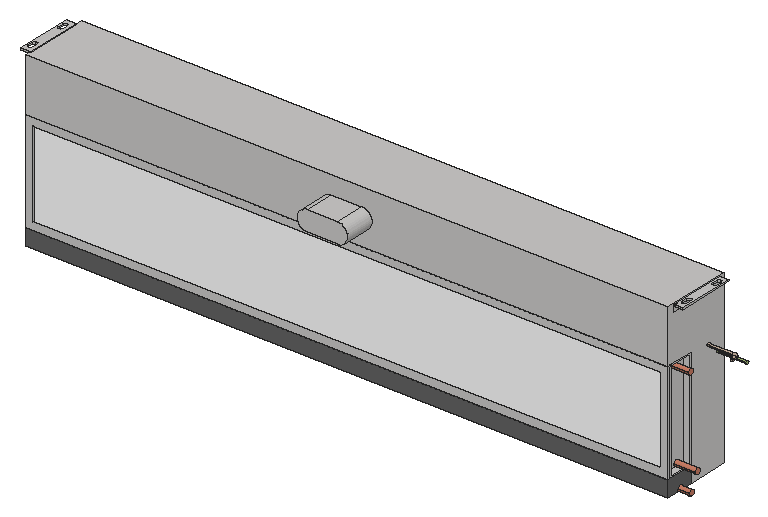
Revit family "HVAC-Chilled_Beam-Dadanco-ACB35", category Mechanical Equipment, Revit 2015 (continued)
Automatic sketch dimensions
  curve 54 to plane 6 "Front Face" = 0' - 0"
  curve 57 to plane 13 "Top of Drain Unit" = 0' - 0"
  curve 64 to level = 0' - 0"
  curve 56 to plane 12 "Back Face of Coil Unit" = 0' - 0"
  curve 71 to plane 26 "Damper Level Centerline Vertical" = 0' - 0"
  curve 66 to level = 0' - 0"
  plane 8 "Bottom Face" to curve 55 = 0' - 0"
  curve 71 to plane 27 "Damper Lever Centerline Horizontal" = 0' - 0"
  plane 6 "Front Face" to curve 57 = 0' - 0 1/4"
  plane 19 "Top Pipe Centerline Vertical" to curve 64 = 0' - 0 3/8"
  curve 68 to plane 18 "Top Pipe Centerline Horizontal" = 0' - 0.08"
  plane 1 "Center (Front/Back)" to curve 68 = 0' - 0.675"
  plane 25 "Comiss Tube Centerline Vertical" to curve 66 = 0' - 0.254"
  curve 65 to plane 28 "Top of Side Air Inlets" = 0' - 0 1/8"
  level to curve 67 = 0' - 0 1/8"
  plane 26 "Damper Level Centerline Vertical" to Sweep 14 sketch curve = 0' - 0"
  Sweep 14 sketch curve to plane 11 "Right Face" = 0' - 0"
  Sweep 14 sketch curve to Sweep 14 sketch curve = 0' - 0 3/8"  (x2)
  Sweep 14 sketch curve to plane 4 "Nominal Right" = 0' - 1 5/8"
  curve 72 to plane 4 "Nominal Right" = 0' - 0"
  Extrusion 17 sketch curve to plane 12 "Back Face of Coil Unit" = 0' - 0 3/32"
  plane 27 "Damper Lever Centerline Horizontal" to Extrusion 17 sketch curve = 0' - 0.05425"
  Extrusion 17 sketch curve to plane 6 "Front Face" = 0' - 0 11/32"
  plane 13 "Top of Drain Unit" to Extrusion 17 sketch curve = 0' - 0 3/32"
  plane 11 "Right Face" to Masking region 11 sketch curve = 0' - 0"
  plane 28 "Top of Side Air Inlets" to Masking region 11 sketch curve = 0' - 0"
  Masking region 11 sketch curve to plane 29 "Bottom of Side Air Inlet" = 0' - 0"
  Masking region 11 sketch curve to plane 4 "Nominal Right" = 0' - 2"
  plane 26 "Damper Level Centerline Vertical" to Sweep 25 sketch curve = 0' - 0"
  Sweep 25 sketch curve to plane 10 "Left Face" = 0' - 0"
  Sweep 25 sketch curve to Sweep 25 sketch curve = 0' - 0 3/8"  (x2)
  Sweep 25 sketch curve to plane 9 "Nominal Left" = 0' - 1 5/8"
  Sweep 25 sketch curve to profile plane = 0' - 5.441"
  plane 11 "Right Face" to Masking region 19 sketch curve = 0' - 0"
  Masking region 19 sketch curve to plane 4 "Nominal Right" = 0' - 2"
  Masking region 20 sketch curve to plane 9 "Nominal Left" = 0' - 2.03413"
  Extrusion 26 sketch curve to plane 24 "Comiss Tube Centerline Horizontal" = 0' - 0"
  Extrusion 26 sketch curve to plane 25 "Comiss Tube Centerline Vertical" = 0' - 0"
  plane 19 "Top Pipe Centerline Vertical" to Masking region 27 sketch curve = 0' - 0 1/4"
  plane 27 "Damper Lever Centerline Horizontal" to Masking region 13 sketch curve = 0' - 0.05425"
  Masking region 13 sketch curve to plane 18 "Top Pipe Centerline Horizontal" = 0' - 0 1/4"
  Masking region 13 sketch curve to plane 4 "Nominal Right" = 0' - 0 1/2"
  curve 72 to plane 26 "Damper Level Centerline Vertical" = 0' - 0.12378"
  Masking region 29 sketch curve to plane 26 "Damper Level Centerline Vertical" = 0' - 0.12378"
  plane 26 "Damper Level Centerline Vertical" to curve 72 = 0' - 0.12622"
  plane 26 "Damper Level Centerline Vertical" to Masking region 29 sketch curve = 0' - 0.12622"
  Masking region 29 sketch curve to Masking region 29 sketch curve = 0' - 2"
  radius of Extrusion 7 sketch curve = 0' - 0 1/4"
  radius of Extrusion 8 sketch curve = 0' - 0 1/4"
  radius of Extrusion 9 sketch curve = 0' - 0 1/4"
  radius of Extrusion 10 sketch curve = 0' - 0 1/4"
  radius of Extrusion 11 sketch curve = 0' - 0 1/4"
  radius of Extrusion 12 sketch curve = 0' - 0 1/8"
  radius of Sweep 14 sketch curve = 0' - 0 1/8"
  radius of Extrusion 20 sketch curve = 0' - 0 1/4"
  radius of Extrusion 21 sketch curve = 0' - 0 1/4"
  radius of Extrusion 22 sketch curve = 0' - 0 1/4"
  radius of Extrusion 23 sketch curve = 0' - 0 1/4"
  radius of Extrusion 24 sketch curve = 0' - 0 1/4"
  radius of Sweep 25 sketch curve = 0' - 0 1/8"
  radius of Extrusion 26 sketch curve = 0' - 0 1/8"
Nested families (in)
  nested 1: "HVAC-Chilled_Beam-Dadanco-ACB_Bracket" at (32.55581, 5.39627, 0) x (1, 0, 0) z (0, -1, 0), type "L Bracket", detail levels medium+fine
  nested 2: "HVAC-Chilled_Beam-Dadanco-ACB_Bracket" at (-31.44419, 5.39627, 0) x (-1, 0, 0) z (0, 1, 0), type "L Bracket", detail levels medium+fine
Connectors (in)
  hvac at (0.55581, -1.10373, -2.75), driven by "Front Back Air Inlet Height", driven by "Front Back Air Inlet Length", driven by "Primary Air Flow Rate", driven by "Primary Air Static Pressure"
    settings: on Extrusion 13, index 1, duct flow 0 CFM, flow factor 0, pres drop 0.00 in-wg, loss coef 0, conn angle 0.00°, conn width 5", conn height 2", conn diameter 24", duct sys type 1, conn prof type 1, flow config 1, flow direction 1, loss method 4, conn ref index -1, conn util no, is conn primary yes, conn desc "Primary Air Inlet Front (D)"
  hvac at (-34.44419, 5.39627, -2.75), driven by "Side Air Inlet Round Radius", driven by "Primary Air Flow Rate", driven by "Primary Air Static Pressure"
    settings: on Extrusion 6, index 2, duct flow 0 CFM, flow factor 0, pres drop 0.00 in-wg, loss coef 0, conn angle 0.00°, conn width 12", conn height 12", conn diameter 4", duct sys type 1, conn prof type 0, flow config 1, flow direction 1, loss method 4, conn ref index -1, conn util no, is conn primary no, conn desc "Primary Air Inlet Left (B)"
  piping at (34.05581, 2.89627, -5.668), diameter 0.5, driven by "SCHW Flow"
    settings: on Extrusion 8, index 4, connector inside diameter 1/2", connector length 0' - 0", flow factor 0, pipe flow 0 GPM, pressure drop 0 Pa, fitting loss kfactor 0, connector angle 0.00°, fixture units 0, engagement length 0' - 0", angle of deflection 0.00°, flow configuration 1, flow direction 1, fitting loss method 0, system type 7, joint type 0, gender type 0, connector reference index 6, connector utility 0, adjustable connector no, is connector primary yes, connector description "SCHW Supply Right"
  piping at (34.05581, 3.74128, -12.543), diameter 0.5, driven by "SHHW Flow", driven by "SHHW Pressure Drop"
    settings: on Extrusion 11, index 5, connector inside diameter 1/2", connector length 0' - 0", flow factor 0, pipe flow 0 GPM, pressure drop 0 Pa, fitting loss kfactor 0, connector angle 0.00°, fixture units 0, engagement length 0' - 0", angle of deflection 0.00°, flow configuration 1, flow direction 2, fitting loss method 4, system type 8, joint type 0, gender type 0, connector reference index 7, connector utility 0, adjustable connector no, is connector primary no, connector description "SHHW Return Right"
  piping at (34.05581, 3.74128, -8.793), diameter 0.5, driven by "SHHW Flow"
    settings: on Extrusion 10, index 6, connector inside diameter 1/2", connector length 0' - 0", flow factor 0, pipe flow 0 GPM, pressure drop 0 Pa, fitting loss kfactor 0, connector angle 0.00°, fixture units 0, engagement length 0' - 0", angle of deflection 0.00°, flow configuration 1, flow direction 1, fitting loss method 0, system type 7, joint type 0, gender type 0, connector reference index 4, connector utility 0, adjustable connector no, is connector primary no, connector description "SHHW Supply Right"
  piping at (34.05581, 3.74128, -14.918), diameter 0.5, driven by "SCHW Flow", driven by "SCHW Pressure Drop"
    settings: on Extrusion 9, index 7, connector inside diameter 1/2", connector length 0' - 0", flow factor 0, pipe flow 0 GPM, pressure drop 0 Pa, fitting loss kfactor 0, connector angle 0.00°, fixture units 0, engagement length 0' - 0", angle of deflection 0.00°, flow configuration 1, flow direction 2, fitting loss method 4, system type 8, joint type 0, gender type 0, connector reference index 5, connector utility 0, adjustable connector no, is connector primary no, connector description "SCHW Return Right"
  piping at (33.80581, 3.32127, -16.75), diameter 0.5
    settings: on Extrusion 7, index 8, connector inside diameter 1/2", connector length 0' - 0", flow factor 0, pipe flow 0 GPM, pressure drop 0 Pa, fitting loss kfactor 0, connector angle 0.00°, fixture units 0, engagement length 0' - 0", angle of deflection 0.00°, flow configuration 0, flow direction 2, fitting loss method 0, system type 16, joint type 0, gender type 0, connector reference index -1, connector utility 0, adjustable connector no, is connector primary no, connector description "Drain Connection Right"
  piping at (-32.94419, 2.89627, -5.668), diameter 0.5, driven by "SCHW Flow"
    settings: on Extrusion 21, index 9, connector inside diameter 1/2", connector length 0' - 0", flow factor 0, pipe flow 0 GPM, pressure drop 0 Pa, fitting loss kfactor 0, connector angle 0.00°, fixture units 0, engagement length 0' - 0", angle of deflection 0.00°, flow configuration 1, flow direction 1, fitting loss method 0, system type 7, joint type 0, gender type 0, connector reference index 10, connector utility 0, adjustable connector no, is connector primary no, connector description "SCHW Supply Left"
  piping at (-32.94419, 3.74128, -8.793), diameter 0.5, driven by "SHHW Flow"
    settings: on Extrusion 23, index 10, connector inside diameter 1/2", connector length 0' - 0", flow factor 0, pipe flow 0 GPM, pressure drop 0 Pa, fitting loss kfactor 0, connector angle 0.00°, fixture units 0, engagement length 0' - 0", angle of deflection 0.00°, flow configuration 1, flow direction 1, fitting loss method 0, system type 7, joint type 0, gender type 0, connector reference index 9, connector utility 0, adjustable connector no, is connector primary no, connector description "SHHW Supply Left"
  piping at (-32.94419, 3.74128, -12.543), diameter 0.5, driven by "SHHW Flow", driven by "SHHW Pressure Drop"
    settings: on Extrusion 24, index 11, connector inside diameter 1/2", connector length 0' - 0", flow factor 0, pipe flow 0 GPM, pressure drop 0 Pa, fitting loss kfactor 0, connector angle 0.00°, fixture units 0, engagement length 0' - 0", angle of deflection 0.00°, flow configuration 1, flow direction 2, fitting loss method 4, system type 8, joint type 0, gender type 0, connector reference index 12, connector utility 0, adjustable connector no, is connector primary no, connector description "SHHW Return Left"
  piping at (-32.94419, 3.74128, -14.918), diameter 0.5, driven by "SCHW Flow", driven by "SCHW Pressure Drop"
    settings: on Extrusion 22, index 12, connector inside diameter 1/2", connector length 0' - 0", flow factor 0, pipe flow 0 GPM, pressure drop 0 Pa, fitting loss kfactor 0, connector angle 0.00°, fixture units 0, engagement length 0' - 0", angle of deflection 0.00°, flow configuration 1, flow direction 2, fitting loss method 4, system type 8, joint type 0, gender type 0, connector reference index 11, connector utility 0, adjustable connector no, is connector primary no, connector description "SCHW Return Left"
  piping at (-32.69419, 3.32127, -16.75), diameter 0.5
    settings: on Extrusion 20, index 13, connector inside diameter 1/2", connector length 0' - 0", flow factor 0, pipe flow 0 GPM, pressure drop 0 Pa, fitting loss kfactor 0, connector angle 0.00°, fixture units 0, engagement length 0' - 0", angle of deflection 0.00°, flow configuration 1, flow direction 2, fitting loss method 0, system type 16, joint type 0, gender type 0, connector reference index -1, connector utility 0, adjustable connector no, is connector primary no, connector description "Drain Connection Left"
  hvac at (35.55581, 5.39627, -2.75), driven by "Primary Air Flow Rate", driven by "Side Air Inlet Round Radius", driven by "Primary Air Static Pressure"
    settings: on Extrusion 19, index 14, duct flow 0 CFM, flow factor 0, pres drop 0.00 in-wg, loss coef 0, conn angle 0.00°, conn width 12", conn height 12", conn diameter 4", duct sys type 1, conn prof type 0, flow config 1, flow direction 1, loss method 4, conn ref index -1, conn util no, is conn primary no, conn desc "Primary Air Inlet Right (A)"
  hvac at (0.55581, 11.89627, -2.75), driven by "Side Air Inlet Round Radius", driven by "Front Back Air Inlet Height", driven by "Front Back Air Inlet Length", driven by "Primary Air Flow Rate", driven by "Primary Air Static Pressure"
    settings: on Extrusion 18, index 15, duct flow 0 CFM, flow factor 0, pres drop 0.00 in-wg, loss coef 0, conn angle 0.00°, conn width 5", conn height 2", conn diameter 4", duct sys type 1, conn prof type 1, flow config 1, flow direction 1, loss method 4, conn ref index -1, conn util no, is conn primary no, conn desc "Primary Air Inlet Back (E)"
Definition of nested family "HVAC-Chilled_Beam-Dadanco-ACB_Bracket"
  Reference planes (in)
    plane 1 "Center (Front/Back)": y = 0
    plane 2: z = 0
    plane 3 "Center (Left/Right)": x = 0
  Forms (in)
    Extrusion 1, solid
      sketch origin (0, 0, 0) x (1, 0, 0) y (0, 1, 0)
        loop
          line (0, 0) -> (0, -0.625) -> (0.125, -0.625) -> (0.125, -0.125) -> (1, -0.125) -> (1, 0) -> (0, 0)
      from -2.875 to 2.875
    Extrusion 2, void
      sketch origin (0, 0, 0) x (1, 0, 0) y (0, 0, 1)
        loop
          arc (0.3125, 1.625) -> (0.5625, 1.375) -> (0.8125, 1.625) r 0.25
          line (0.8125, 1.625) -> (0.8125, 2.125)
          arc (0.8125, 2.125) -> (0.5625, 2.375) -> (0.3125, 2.125) r 0.25
          line (0.3125, 2.125) -> (0.3125, 1.625)
      from 0 to 0.125
    Extrusion 3, void
      sketch origin (0, 0, 0) x (1, 0, 0) y (0, 0, 1)
        loop
          line (0.3125, -1.625) -> (0.3125, -2.125)
          arc (0.3125, -2.125) -> (0.5625, -2.375) -> (0.8125, -2.125) r 0.25
          line (0.8125, -2.125) -> (0.8125, -1.625)
          arc (0.8125, -1.625) -> (0.5625, -1.375) -> (0.3125, -1.625) r 0.25
      from 0 to 0.125
  Cuts and joins
    Extrusion 2, Extrusion 3 cuts Extrusion 1
  Lines and regions (in)
    reference lines
      curve 1: line (-9.25507, 0, 2.875) -> (12.49493, 0, 2.875)
      curve 2: line (-9.25507, 0, -2.875) -> (13.49493, 0, -2.875)
  Dimensions and locks (in)
    locked: plane 3 "Center (Left/Right)" to Extrusion 1 sketch curve at 1
    locked: Extrusion 1 sketch curve to Extrusion 1 sketch curve at 0.125  (x2)
    locked: plane 1 "Center (Front/Back)" to Extrusion 1 sketch curve at 0.625
    locked: level to curve 2 at 2.875
    locked: curve 1 to level at 2.875
    aligned and locked: Extrusion 1 to curve 1
    aligned and locked: curve 2 to Extrusion 1
    aligned and locked: Extrusion 2 to plane 1 "Center (Front/Back)"
    aligned and locked: Extrusion 1 to Extrusion 2
Types (6): name | Weight | Unit Weight | Unit Length | Overall Unit Length | Nominal Unit Length | Coil Length
  (no name) | 56 lbf | "56 lb" | 5' - 4" | 5' - 6" | 6' - 0" | 5' - 4"
  4' Nominal Length | 42 lbf | "42 lb" | 3' - 4" | 3' - 6" | 4' - 0" | 3' - 4"
  2' Nominal Length | 27 lbf | "27 lb" | 2' - 0" | 2' - 2" | 2' - 0" | 2' - 0"
  3' Nominal Length | 35 lbf | "35 lb" | 2' - 8" | 2' - 10" | 3' - 0" | 2' - 8"
  5' Nominal Length | 49 lbf | "49 lb" | 4' - 4" | 4' - 6" | 5' - 0" | 4' - 4"
  6' Nominal Length | 56 lbf | "56 lb" | 5' - 4" | 5' - 6" | 6' - 0" | 5' - 4"
